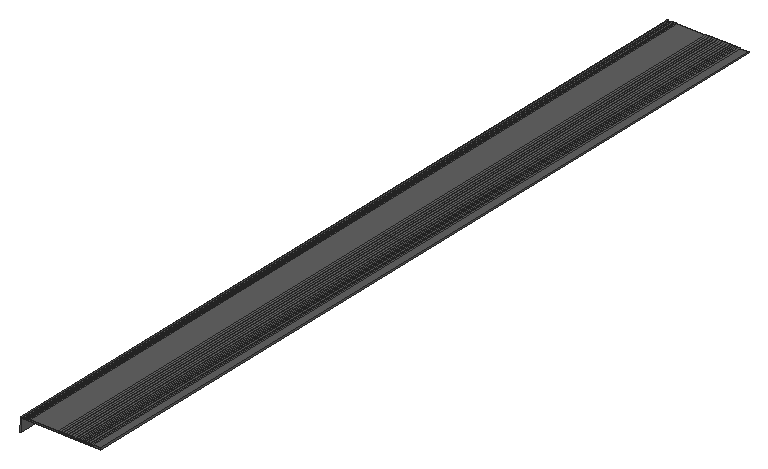
Revit family "111213021058804", category Modelos genéricos, Revit 2018
Family settings
  Puede alojar armadura = No
  Cota de conector redondo = Diámetro de uso
  Tipo de pieza = Normal
  Se basa en plano de trabajo = No
  Siempre vertical = No
  Corte con vacíos al cargar = No
  Compartido = No
  Punto de cálculo de habitación = No
Parameters (values of type "GRADA TITAN PVC 300X50MM NEGRO TIRA 3.00")
  Ventajas = "Autoextinguible"
  Uso = "Fabricado en PVC, ideal para zonas de medio y alto trafico, con estrías\r\nantideslizantes. Ideal para: Edificios Públicos y Privados, Colegios, Universidades, Centros\r\ncomerciales, Aeropuertos, Hoteles, Edificios Habitacionales, entre otros."
  Unidad = "Tiras de 1.20 Mts y 3.00 Mts."
  URL = "https://www.empresascnp.cl/"
  Num SKUs = "111213021058804"
  Nombre SKU = "GRADA TITAN PVC 300X50MM NEGRO TIRA 3MT"
  Modelo = "GRADA TITAN PVC 300X50MM"
  Material = PVC flexible negro
  Url Ficha tecnica = "https://empresascnp.cl/wp-content/uploads//pdf/ficha-tecnica-grada-titan-pvc-300x50mm-gris-claro-tira-1-2mt.pdf"
  Largo = 3000.00 mm
  Espesor = 4.00 mm
  Empresa = "CNP SPA."
  Dureza = "80 shore A"
  Dimension = 300.00 mm
  Descripción = "Grada Titan 300x50 MM."
  Contacto = "info@empresascnp.cl"
  Color = "Negro"
  Aplicacion = "Escaleras"
  Alto = 50.00 mm
Reference planes
  plane 1 "Center F/B": y = 0
  plane 2: z = 0
  plane 3 "Center L/R": x = 0
  plane 4: z = -50
  plane 5 "2": y = 1500
  plane 6 "3": y = -1500
  plane 7: x = 300
  plane 8: z = -2
  plane 9 "4": x = 2
Forms (mm)
  Extrusion 1, solid, material "PVC flexible negro" <- "Material"
    sketch origin (0, 0, 0) x (1, 0, 0) y (0, 0, 1)
      loop
        line (300, 0) -> (270, 0)
        arc (270, 0) -> (267.593, 0.87) -> (265.185, 0) r 3.766
        arc (265.185, 0) -> (262.778, -0.87) -> (260.37, 0) r 3.766
        arc (260.37, 0) -> (257.963, 0.87) -> (255.556, 0) r 3.766
        arc (255.556, 0) -> (253.148, -0.87) -> (250.741, 0) r 3.766
        arc (250.741, 0) -> (248.333, 0.87) -> (245.926, 0) r 3.766
        arc (245.926, 0) -> (243.519, -0.87) -> (241.111, 0) r 3.766
        arc (241.111, 0) -> (238.704, 0.87) -> (236.296, 0) r 3.766
        arc (236.296, 0) -> (233.889, -0.87) -> (231.481, 0) r 3.766
        arc (231.481, 0) -> (229.074, 0.87) -> (226.667, 0) r 3.766
        arc (226.667, 0) -> (224.259, -0.87) -> (221.852, 0) r 3.766
        arc (221.852, 0) -> (219.444, 0.87) -> (217.037, 0) r 3.766
        arc (217.037, 0) -> (214.63, -0.87) -> (212.222, 0) r 3.766
        arc (212.222, 0) -> (209.815, 0.87) -> (207.407, 0) r 3.766
        arc (207.407, 0) -> (205, -0.87) -> (202.593, 0) r 3.766
        arc (202.593, 0) -> (200.185, 0.87) -> (197.778, 0) r 3.766
        arc (197.778, 0) -> (195.37, -0.87) -> (192.963, 0) r 3.766
        arc (192.963, 0) -> (190.556, 0.87) -> (188.148, 0) r 3.766
        arc (188.148, 0) -> (185.741, -0.87) -> (183.333, 0) r 3.766
        arc (183.333, 0) -> (180.926, 0.87) -> (178.519, 0) r 3.766
        arc (178.519, 0) -> (176.111, -0.87) -> (173.704, 0) r 3.766
        arc (173.704, 0) -> (171.296, 0.87) -> (168.889, 0) r 3.766
        arc (168.889, 0) -> (166.481, -0.87) -> (164.074, 0) r 3.766
        arc (164.074, 0) -> (161.667, 0.87) -> (159.259, 0) r 3.766
        arc (159.259, 0) -> (156.852, -0.87) -> (154.444, 0) r 3.766
        arc (154.444, 0) -> (152.037, 0.87) -> (149.63, 0) r 3.766
        arc (149.63, 0) -> (147.222, -0.87) -> (144.815, 0) r 3.766
        arc (144.815, 0) -> (142.407, 0.87) -> (140, 0) r 3.766
        line (140, 0) -> (34, 0)
        arc (34, 0) -> (33, 0.361) -> (32, 0) r 1.564
        arc (32, 0) -> (31, -0.361) -> (30, 0) r 1.564
        arc (30, 0) -> (29, 0.361) -> (28, 0) r 1.564
        arc (28, 0) -> (27, -0.361) -> (26, 0) r 1.564
        arc (26, 0) -> (25, 0.361) -> (24, 0) r 1.564
        arc (24, 0) -> (23, -0.361) -> (22, 0) r 1.564
        arc (22, 0) -> (21, 0.361) -> (20, 0) r 1.564
        arc (20, 0) -> (19, -0.361) -> (18, 0) r 1.564
        arc (18, 0) -> (17, 0.361) -> (16, 0) r 1.564
        line (16, 0) -> (3, 0)
        arc (3, 0) -> (0.879, -0.879) -> (0, -3) r 3
        line (0, -3) -> (0, -50) -> (4, -50) -> (4, -5)
        arc (4, -5) -> (4.293, -4.293) -> (5, -4) r 1
        line (5, -4) -> (300, -4) -> (300, 0)
    from -1500 to 1500
Dimensions and locks
  "Alto": level to plane 4
  equal spacing: plane 6 "3", plane 1 "Center F/B", plane 5 "2"
  "Largo": plane 6 "3" to plane 5 "2"
  "Dimension": plane 7 to plane 3 "Center L/R"
  "Espesor": plane 2 to Extrusion 1 sketch curve
  "Espesor": Extrusion 1 sketch curve to plane 3 "Center L/R"
  aligned and locked: plane 6 "3" to Extrusion 1
  aligned and locked: Extrusion 1 to plane 5 "2"
  aligned and locked: Extrusion 1 sketch curve to plane 3 "Center L/R"
  aligned and locked: plane 2 to Extrusion 1 sketch curve
  aligned and locked: Extrusion 1 sketch curve to plane 7
  aligned and locked: plane 4 to Extrusion 1 sketch curve
Automatic sketch dimensions
  Extrusion 1 sketch curve to level = 0.00 mm  (x70)
  plane 8 to Extrusion 1 sketch curve = 1.00 mm
  Extrusion 1 sketch curve to Extrusion 1 sketch curve = 1.00 mm  (x4)
  Extrusion 1 sketch curve to Extrusion 1 sketch curve = 11.00 mm
  Extrusion 1 sketch curve to plane 8 = 0.797 mm  (x5)
  level to Extrusion 1 sketch curve = 1.203 mm  (x4)
  Extrusion 1 sketch curve to Extrusion 1 sketch curve = 2.00 mm  (x5)
  Extrusion 1 sketch curve to Extrusion 1 sketch curve = 106.00 mm
  plane 8 to Extrusion 1 sketch curve = 0.896 mm  (x14)
  Extrusion 1 sketch curve to Extrusion 1 sketch curve = 2.407 mm
  level to Extrusion 1 sketch curve = 2.896 mm  (x13)
  Extrusion 1 sketch curve to Extrusion 1 sketch curve = 0.00 mm  (x4)
